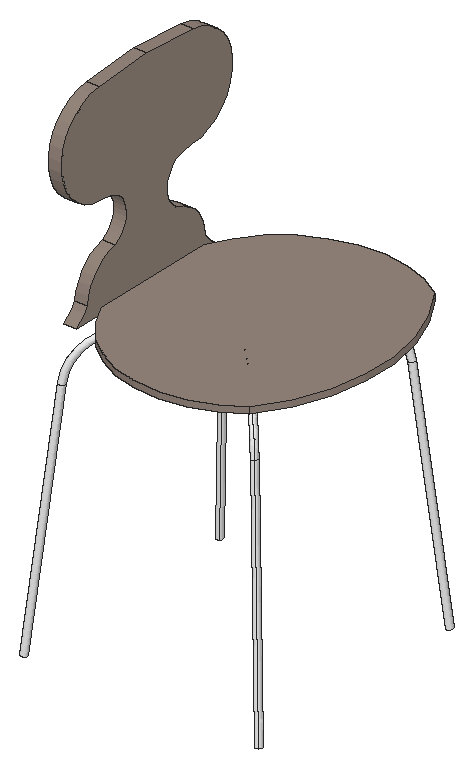
Revit family "Chair 2", category Furniture, Revit 2023
Family settings
  Work Plane-Based = No
  Enable Cutting in Views = No
  Always vertical = Yes
  Cut with Voids When Loaded = No
  Render Appearance Source = Family Geometry
  Shared = No
  Room Calculation Point = No
Parameters
  __Temp [instance] = 0 mm
  Keynote = "12600"
  Manufacturer = ""
  Default Elevation = 0 mm
  Bracket Material = Herman Miller - Finish 47 Trivalent Chrome
  Model = ""
  Cushion/Chair Back Material = Herman Miller - Veneer Z5 Maple
  BG_DIM_Width2 [instance] = 0 mm
  BG_DIM_Depth1 [instance] = 0 mm
Reference planes
  plane 1 "Center F/B": y = -198.997
  plane 2: z = 0
  plane 3 "Center L/R": x = -1.022
Forms (mm)
  Sweep 1, solid, material "Herman Miller - Finish 47 Trivalent Chrome" <- "Bracket Material"
    path origin (61.052, -65.204, 45) x (0, 0, -1) y (0.707107, -0.707107, 0)
      loop
        line (45, -82.843) -> (-332.364, -36.508)
        arc (-332.364, -36.508) -> (-382.531, -10.114) -> (-402.615, 42.895) r 80
        line (-402.615, 42.895) -> (-402.615, 181.322)
    profile origin (18.855, -23.007, 188.682) x (-0.701836, 0.701836, 0.121869) y (-0.707107, -0.707107, 0)
      loop
        circle (0, 0) r 5
  Sweep 2, solid, material "Herman Miller - Finish 47 Trivalent Chrome" <- "Bracket Material"
    path origin (57.516, -325.168, 45) x (0, 0, -1) y (0.707107, 0.707107, 0)
      loop
        line (45, -82.843) -> (-332.364, -36.508)
        arc (-332.364, -36.508) -> (-382.531, -10.114) -> (-402.615, 42.895) r 80
        line (-402.615, 42.895) -> (-402.615, 181.322)
    profile origin (15.319, -367.364, 188.682) x (-0.701836, -0.701836, 0.121869) y (0.707107, -0.707107, 0)
      loop
        circle (0, 0) r 5
  Sweep 3, solid, material "Herman Miller - Finish 47 Trivalent Chrome" <- "Bracket Material"
    path origin (303.338, -65.204, 45) x (0, 0, -1) y (0.707107, 0.707107, 0)
      loop
        line (45, 82.843) -> (-332.364, 36.508)
        arc (-332.364, 36.508) -> (-382.531, 10.114) -> (-402.615, -42.895) r 80
        line (-402.615, -42.895) -> (-402.615, -181.322)
    profile origin (345.535, -23.007, 188.682) x (0.701836, 0.701836, 0.121869) y (-0.707107, 0.707107, 0)
      loop
        circle (0, 0) r 5
  Sweep 4, solid, material "Herman Miller - Finish 47 Trivalent Chrome" <- "Bracket Material"
    path origin (306.873, -325.168, 45) x (0, 0, -1) y (0.707107, -0.707107, 0)
      loop
        line (45, 82.843) -> (-332.364, 36.508)
        arc (-332.364, 36.508) -> (-382.531, 10.114) -> (-402.615, -42.895) r 80
        line (-402.615, -42.895) -> (-402.615, -181.322)
    profile origin (349.07, -367.364, 188.682) x (0.701836, -0.701836, 0.121869) y (0.707107, 0.707107, 0)
      loop
        circle (0, 0) r 5
  Extrusion 5, solid, material "Herman Miller - Veneer Z5 Maple" <- "Cushion/Chair Back Material"
    sketch origin (0, 0, 0) x (1, 0, 0) y (0, 1, 0)
      loop
        arc (340, -9.099) -> (152.776, 17.913) -> (32.728, -128.274) r 192.616
        line (32.728, -128.274) -> (32.728, -249.923)
        arc (32.728, -249.923) -> (152.776, -396.11) -> (340, -369.099) r 192.616
        arc (340, -369.099) -> (400.673, -189.099) -> (340, -9.099) r 297.34
    from 450 to 460
  Extrusion 6, solid, material "Herman Miller - Veneer Z5 Maple" <- "Cushion/Chair Back Material"
    sketch origin (390, -409.099, -27.081) x (0, 0, -1) y (0, 1, 0)
      loop
        arc (-498.809, 95.839) -> (-486.21, 86.065) -> (-477.081, 72.99) r 53.087
        line (-477.081, 72.99) -> (-477.081, 347.212)
        arc (-477.081, 347.212) -> (-486.21, 334.138) -> (-498.809, 324.364) r 53.087
        arc (-498.809, 324.364) -> (-539.073, 308.301) -> (-561.143, 270.989) r 67.175
        arc (-561.143, 270.989) -> (-601.737, 249.17) -> (-634.197, 281.887) r 38.521
        line (-634.197, 281.887) -> (-636.604, 298.938)
        arc (-636.604, 298.938) -> (-714.694, 376.726) -> (-796.127, 302.444) r 79.872
        line (-796.127, 302.444) -> (-802.584, 210.101) -> (-796.127, 117.759)
        arc (-796.127, 117.759) -> (-714.694, 43.477) -> (-636.604, 121.265) r 79.872
        line (-636.604, 121.265) -> (-634.197, 138.316)
        arc (-634.197, 138.316) -> (-601.737, 171.033) -> (-561.143, 149.213) r 38.521
        arc (-561.143, 149.213) -> (-539.073, 111.901) -> (-498.809, 95.839) r 67.175
    from -367.272 to -347.272
Dimensions and locks
  aligned and locked: plane 1 "Center F/B" to Extrusion 6
